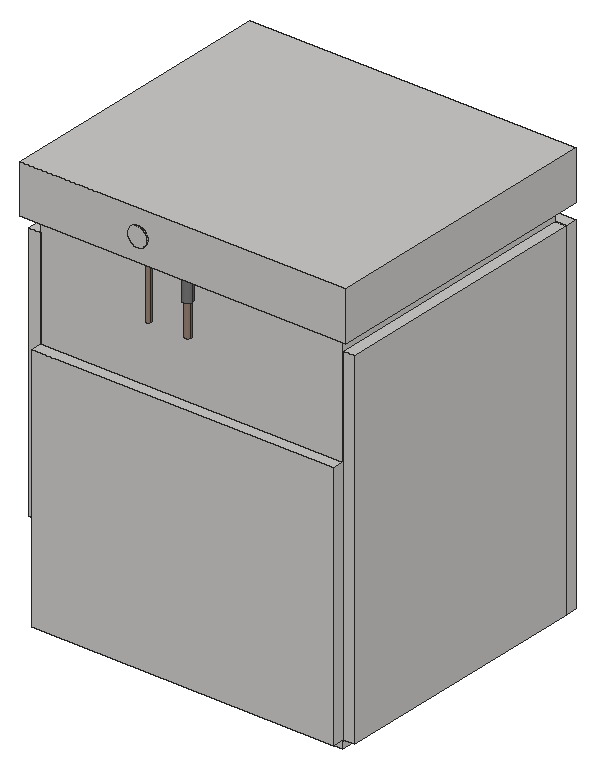
Revit family "QF_Brema_M2000SPLIT", category Specialty Equipment, Revit 2012
Parameters (values of type "M2000SPLIT")
  Width = 832 mm
  Weight = "300 kg"
  Watts = 180 W
  Volts = 400 V
  URL Cutsheet = ""
  URL = "www.bremaice.it"
  Status [instance] = ""
  Specification by User [instance] = ""
  Specification by Manufacturer [instance] = ""
  Show Logo [instance] = yes
  Show Clearance [instance] = yes
  Serial Number = ""
  Seismic Rating = ""
  SMACNA No = ""
  Revision Code [instance] = ""
  Refrigerant Volume [instance] = 0.00 kN
  Refrigerant Type = "R404A"
  Plumbing Remarks [instance] = ""
  Plumbing Connection Type [instance] = ""
  Phase = 3
  Number of Poles [instance] = 1
  NAFEM Spec ID Number = ""
  Model = "M2000SPLIT"
  Min Ckt Ampacity = 0 A
  Max Overcurrent Protection = 10 A
  Manufacturer = "BREMA"
  Item Number [instance] = ""
  Installed By [instance] = ""
  Indirect Waste Size = 1"
  Indirect Waste Radius = Indirect Waste Size / 2  # 1/2"
  Indirect Waste Flow [instance] = 0 m³/h
  Indirect Waste Connection Type [instance] = ""
  Indirect Waste Connection Height = 65 mm
  Identify Quantity as Lot [instance] = no
  Height = 1075 mm
  HP = ""
  Furnished By [instance] = ""
  Foodservice Equipment Identifier [instance] = yes
  FL Amps = 0 A
  Electrical Remarks [instance] = ""
  Electric Connection Type [instance] = ""
  Elec Conn RI Height [instance] = 0 mm
  Elec Conn Connection Height = 204 mm
  Description = "AUTOMATIC ICE CUBE MAKER AIR COOLED"
  Depth = 736 mm
  Daily Production [instance] = "2200,0 kg/24h T=21°C:15°C"
  Cycle = 50 Hz
  Conn Plug = ""
  Conn Conduit = yes
  Cold Water Temperature Recommended [instance] = 35 °C
  Cold Water Size Radius = Cold Water Size / 2  # 3/8"
  Cold Water Size = 3/4"
  Cold Water RI Height [instance] = 0 mm
  Cold Water Minimum Pressure = 1.0 bar
  Cold Water Maximum Pressure = 6.0 bar
  Cold Water Flow [instance] = 0 m³/h
  Cold Water Consumption [instance] = "1 l/kg"
  Cold Water Connection Height = 120 mm
  CSI MasterFormat = ""
  BTUH = 0 W
  Assembly Code = "E1090320"
  Apparent Power = 180 VA
Reference planes
  plane 1 "BACK": y = 0
  plane 2: z = 0
  plane 3 "LEFT": x = 0
  plane 4 "RIGHT": x = 832
  plane 5 "FRONT": y = -736
  plane 6 "TOP": z = 1075
Forms (mm)
  Extrusion 1, solid
    sketch origin (30, -689, 121) x (0, -1, 0) y (0, 0, 1)
      loop
        circle (-76, 83) r 4
    from 4 to 20
  Extrusion 2, solid
    sketch origin (30, -689, 159) x (0, -1, 0) y (0, 0, 1)
      loop
        circle (-76, 45) r 15
    from 0 to 4
  Extrusion 3, solid
    sketch origin (30, -308, 93.5) x (0, -1, 0) y (0, 0, -1)
      loop
        circle (305, -26.5) r 10
    from 0 to -20
  Extrusion 4, solid, visible <- "Show Clearance", detail levels coarse
    sketch origin (0, 0, 0) x (1, 0, 0) y (0, 1, 0)
      loop
        line (0, 50) -> (0, 0) -> (832, 0) -> (832, 50) -> (0, 50)
    from 0 to 1075
  Extrusion 5, solid
    sketch origin (30, -353, 38.5) x (0, -1, 0) y (0, 0, -1)
      loop
        circle (305, -26.5) r 12.7
    from 0 to -20
  Extrusion 6, solid
    sketch origin (0, 0, 460) x (0, 1, 0) y (0, 0, 1)
      loop
        line (0, 615) -> (-736, 615) -> (-736, 490) -> (0, 490) -> (0, 615)
    from 0 to 832
  Extrusion 7, solid
    sketch origin (0, 0, 0) x (0, 1, 0) y (0, 0, 1)
      loop
        line (-706, 910) -> (-706, 250) -> (-556, 250) -> (-556, 20) -> (-30, 20) -> (-30, 910) -> (-706, 910)
    from 0 to 30
  Extrusion 8, solid
    sketch origin (832, 0, 0) x (0, 1, 0) y (0, 0, 1)
      loop
        line (-30, 910) -> (-706, 910) -> (-706, 20) -> (-30, 20) -> (-30, 910)
    from 0 to -30
  Extrusion 9, solid
    sketch origin (0, 0, 0) x (1, 0, 0) y (0, 1, 0)
      loop
        line (30, -30) -> (30, -706) -> (802, -706) -> (802, -30) -> (30, -30)
    from 0 to 20
  Extrusion 10, solid
    sketch origin (0, -736, 0) x (1, 0, 0) y (0, 0, 1)
      loop
        line (30, 655) -> (30, 20) -> (802, 20) -> (802, 655) -> (30, 655)
    from 0 to -30
  Extrusion 11, solid
    sketch origin (832, 0, 0) x (0, 1, 0) y (0, 0, 1)
      loop
        line (0, 910) -> (-30, 910) -> (-30, 20) -> (0, 20) -> (0, 910)
    from 0 to -832
  Extrusion 12, solid
    sketch origin (832, -30, 0) x (0, 1, 0) y (0, 0, 1)
      loop
        line (0, 950) -> (-676, 950) -> (-676, 0) -> (0, 0) -> (0, 950)
    from -30 to -802
  Extrusion 13, solid
    sketch origin (-910, 873, 920) x (-1, 0, 0) y (0, -1, 0)
      loop
        circle (-1327.334, 1594) r 12
    from -22.85 to 30
  Extrusion 14, solid
    sketch origin (90, -132, 880) x (-1, 0, 0) y (0, -1, 0)
      loop
        circle (-327.334, 589) r 8
    from -65.701 to 70
  Extrusion 15, solid
    sketch origin (-10, -132, 880) x (-1, 0, 0) y (0, -1, 0)
      loop
        circle (-327.334, 589) r 6
    from -65.701 to 70
  Extrusion 16, solid
    sketch origin (-990, -736, 125) x (1, 0, 0) y (0, 0, 1)
      loop
        circle (1291.809, 884.757) r 25
    from 0 to 2
Lines and regions (mm)
  symbolic lines, style "QF_Clearances", visible <- "Show Clearance", detail levels coarse
    curve 1: line (0, 50, 0) -> (832, 50, 0)
  symbolic lines, style "200-EquipBorder-2D"
    curve 2: line (0, 0, 5) -> (832, 0, 5)
    curve 3: line (0, -736, 5) -> (0, 0, 5)
    curve 4: line (832, -736, 5) -> (0, -736, 5)
    curve 5: line (832, 0, 5) -> (832, -736, 5)
Dimensions and locks
  plane 4 "RIGHT" to plane 3 "LEFT" = 832 mm
  plane 5 "FRONT" to plane 1 "BACK" = 736 mm
  plane 6 "TOP" to plane 2 = 1075 mm
  plane 6 "TOP" to level = 1075 mm
  aligned and locked: level to plane 2
  aligned and locked: plane 4 "RIGHT" to Extrusion 4
  aligned and locked: plane 6 "TOP" to Extrusion 4
  aligned and locked: plane 4 "RIGHT" to curve 1
  aligned and locked: plane 4 "RIGHT" to Extrusion 6
Connectors
  electrical at (10, -613, 204), driven by "Number of Poles", driven by "Volts", driven by "Apparent Power"
    settings: on Extrusion 1, index 1, voltage 400 V, apparent load 180 VA, apparent load phase1 0 VA, apparent load phase2 0 VA, apparent load phase3 0 VA, power factor 1, load classification "Other", number of poles 1, system type 30, power factor state 1, is connector primary yes, connector utility no, sub classification motor no, connector description "Electrical connection"
  piping at (10, -613, 120), driven by "Cold Water Flow", driven by "Cold Water Size Radius"
    settings: on Extrusion 3, index 3, connector radius 3/8", flow factor 0, pipe flow 0 m³/h, pressure drop 0.0 bar, fitting loss kfactor 0, connector angle 0.00°, fixture units 0, engagement length 0 mm, flow configuration 1, flow direction 1, fitting loss method 0, system type 20, joint type 0, gender type 0, connector reference index -1, connector utility 0, adjustable connector no, is connector primary yes, fitting loss table "", connector description "Cold water inlet"
  piping at (10, -658, 65), driven by "Indirect Waste Flow", driven by "Indirect Waste Radius"
    settings: on Extrusion 5, index 6, connector radius 1/2", flow factor 0, pipe flow 0 m³/h, pressure drop 0.0 bar, fitting loss kfactor 0, connector angle 0.00°, fixture units 0, engagement length 0 mm, flow configuration 1, flow direction 2, fitting loss method 0, system type 16, joint type 0, gender type 0, connector reference index -1, connector utility 0, adjustable connector no, is connector primary no, fitting loss table "", connector description "Water drain"
